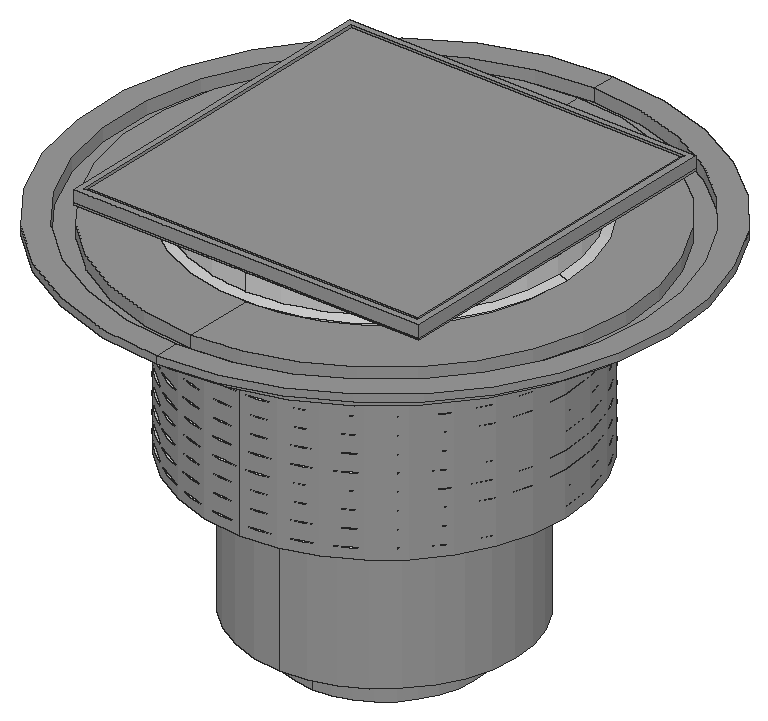
Revit family "HL_Трап для внутренних помещений_HL3100", category Instalační zařizovací předměty, Revit 2016
Family settings
  Typ součásti = Normální
  Kóta kulaté spojky = Použít průměr
  Číslo OmniClass = 23.70.50.21.24.14
  Nadpis OmniClass = Deck Waste Water Drains
  Založené na pracovní rovině = Ne
  Vždy vertikální = Ano
  Ořezat dutým tvarem při načtení = Ne
  Sdílené = Ano
  Bod výpočtu místnosti = Ano
Parameters (values of type "HL3100")
  РЕШЁТКА = "138 x 138 mm / V2A"
  РАЗМЕР = "DN50/75/110"
  ПРОПУСКНАЯ СПОСОБНОСТЬ = if(НОМИНАЛЬНЫЙ ДИАМЕТР = 50 mm, 1.25 L/s, 1.4 L/s)  # 1.25 L/s
  ПРОИЗВОДИТЕЛЬНОСТЬ = "DN50 1,25l/s, DN75/110 1,4l/s"
  ПРИЁМНОЕ ОТВЕРСТИЕ = ""
  ПРАВОВАЯ ИНФОРМАЦИЯ = "Авторские права(©), права на дизайн или какие либо другие права интелектуальной собственности являются исключительной собственностью компании HL Hutterer & Lechner. Изменению не подлежит. Файл семейства с данными о прозводителе изделия защищен паролем с водяным знаком."  # constant formula
  НОРМЫ = ""
  НОМИНАЛЬНЫЙ ДИАМЕТР = 50 mm
  НАСАДКА = "8-80 mm / 145 x 145 mm / PP-V4A"
  МАТЕРИАЛ = "PE"
  МАКСИМАЛЬНАЯ НАГРУЗКА КЛАССА = "K3 - 300kg"
  ВЫСОТА МОНТАЖА = "170mm"
  ВЕС = "1,04 [kg]"
  Připojení ventilace = no
  Výrobce = "HL Hutterer & Lechner GmbH"  # constant formula
  URL = "http://www.hutterer-lechner.com/ru/products/catalog/floor-drains/attachments/HL3100.aspx"
  Připojení odpadu = yes
  Připojení HW = no
  Popis = "Трапы для внутренних помещений"
  Model = "HL3100"
  Komentáře k typům = "HL3100 Трап для внутренних помещений DN50/75/110 вертикальный 145x145 мм система крепления решётки Klick-Klack/138x138мм"
  Keynote = "HL3100"
  Высота монтажа [instance] = 177.746 mm
  EAN = "9003076025428"
  DN_test [instance] = if(or(НОМИНАЛЬНЫЙ ДИАМЕТР = 50 mm, НОМИНАЛЬНЫЙ ДИАМЕТР = 75 mm, НОМИНАЛЬНЫЙ ДИАМЕТР = 110 mm), 30 mm, 0 mm)  # 30 mm
  Připojení CW = no
  B [instance] = if(НОМИНАЛЬНЫЙ ДИАМЕТР = 110 mm, Высота монтажа - 14.8 mm, Высота монтажа)  # 177.746 mm
  A [instance] = if(B - 100 mm > 15 mm, B - 100 mm, 15 mm)  # 77.746 mm
Reference planes
  plane 1 "Center (Front/Back)": y = 0
  plane 2: z = 0
  plane 3 "Center (Left/Right)": x = 0
  plane 4 "Ball Joint Vertical": x = 25.45
  plane 5: z = -177.746
  plane 6: z = -177.746
Lines and regions (mm)
  model lines, style "InvisibleLines"
    curve 1: line (0, 0, 0) -> (0, 0, 1000)
  reference lines
    curve 2: line (0, 0, 0) -> (0, 0, -177.746)
  model lines, detail levels coarse+medium
    curve 3: line (0, 0, -177.746) -> (0, 0, -100)
    curve 4: line (0, 0, -100) -> (100, 0, 0)
    curve 5: line (0, 0, -100) -> (-100, 0, 0)
  symbolic lines, detail levels coarse+medium
    curve 6: line (-75, 75, 0) -> (75, 75, 0)
    curve 7: line (-75, -75, 0) -> (-75, 75, 0)
    curve 8: line (75, -75, 0) -> (-75, -75, 0)
    curve 9: line (75, 75, 0) -> (75, -75, 0)
    curve 10: line (75, 75, 0) -> (145.711, 145.711, 0)
    curve 11: line (75, -75, 0) -> (145.711, -145.711, 0)
    curve 12: line (-75, 75, 0) -> (-145.711, 145.711, 0)
    curve 13: line (-75, -75, 0) -> (-145.711, -145.711, 0)
  symbolic lines, not visible, detail levels coarse+medium
    curve 14: line (-75, 75, 0) -> (75, 75, 0)
    curve 15: line (-75, -75, 0) -> (-75, 75, 0)
    curve 16: line (75, -75, 0) -> (-75, -75, 0)
    curve 17: line (75, 75, 0) -> (75, -75, 0)
    curve 18: line (75, 75, 0) -> (145.711, 145.711, 0)
    curve 19: line (75, -75, 0) -> (145.711, -145.711, 0)
    curve 20: line (-75, 75, 0) -> (-145.711, 145.711, 0)
    curve 21: line (-75, -75, 0) -> (-145.711, -145.711, 0)
  symbolic lines, style "InvisibleLines", not visible
    curve 22: line (0, 0, 0) -> (0, 0, -30)
Text (mm)
  text "ПОЛ" at (-198.233, 0, -26.556), in view "Drain Construction View"
Dimensions and locks
  locked: plane 4 "Ball Joint Vertical" to plane 3 "Center (Left/Right)" at 25.45
  "Высота монтажа": plane 2 to plane 5
  "A": curve 5 to plane 6
  "B": curve 5 to plane 6
  "B": curve 4 to plane 6
  "B": plane 2 to plane 6
  "DN_test": curve 22 to curve 22
  locked: curve 4 to plane 3 "Center (Left/Right)" (angle 45.00°)
  locked: plane 3 "Center (Left/Right)" to curve 5 (angle 45.00°)
  aligned and locked: level to plane 2
  aligned and locked: plane 2 to curve 1
  aligned and locked: plane 3 "Center (Left/Right)" to curve 1
  aligned and locked: plane 3 "Center (Left/Right)" to curve 2
  aligned and locked: plane 3 "Center (Left/Right)" to curve 3
  aligned and locked: plane 3 "Center (Left/Right)" to curve 5
  aligned and locked: plane 5 to nested 2
  aligned and locked: plane 2 to curve 2
  aligned and locked: plane 6 to curve 3
  aligned and locked: plane 6 to curve 2
Automatic sketch dimensions
  level to curve 1 = 1000 mm
Nested families
  nested 1: "HL_Насадная деталь_HL03910.2E" at (0, 0, 0), type "HL03910.2E_Main Component"
    with Высота монтажа 80 mm, RN 13, RL 84.5 mm, R yes, NL_Test yes, NL 100 mm
  nested 2: "HL_Корпус для трапа внутренних помещений_HL3100K" at (0, 0, -16.339), type "HL3100K_Main Component"
  nested 3: "HL_Вкладыш сифона_HL05100.7E" at (0, 0, -5), type "HL05100.7E_Main Component"
  nested 4: "HL_Решётка_HL03910.1E" at (0, 0, 0), type "HL03910.1E_Main Component"
Connectors
  piping at (0, 0, -177.746), diameter 50, driven by "ПРОПУСКНАЯ СПОСОБНОСТЬ", driven by "НОМИНАЛЬНЫЙ ДИАМЕТР"
    settings: on curve 2, index 1, connector inside diameter 609.6 mm, connector length 0 mm, flow factor 0, pipe flow 1.25 L/s, pressure drop 0.0 Pa, fitting loss kfactor 0, connector angle 0.00°, fixture units 0, engagement length 0 mm, angle of deflection 0.00°, flow configuration 1, flow direction 2, fitting loss method 0, system type 16, joint type 0, gender type 0, connector reference index -1, connector utility 0, adjustable connector no, is connector primary yes, connector description ""
Definition of nested family "HL_Насадная деталь_HL03910.2E"
  Parameters (values of type "HL03910.2E")
    РАЗМЕР = "d 146 mm"
    ПРАВОВАЯ ИНФОРМАЦИЯ = "Авторские права(©), права на дизайн или какие либо другие права интелектуальной собственности являются исключительной собственностью компании HL Hutterer & Lechner. Изменению не подлежит. Файл семейства с данными о прозводителе изделия защищен паролем с водяным знаком."  # constant formula
    НАСАДКА = "145 x 145 mm"
    МАТЕРИАЛ = "PP-V4A"
    Высота монтажа [instance] = 80 mm
    ВЫСОТА МОНТАЖА = "8 - 80 mm"
    ВЕС = "0,25 [kg]"
    Waste Connection = yes
    Vent Connection = no
    RD = 6.5 mm  # constant formula
    R [instance] = ((Высота монтажа - NL_Min) / RD - 1) > 2  # yes
    RL [instance] = if(Высота монтажа < 15 mm, 1 mm, RD * RN)  # 84.5 mm
    NL_Test [instance] = and(or(Высота монтажа < NL_Max, Высота монтажа = NL_Max), or(Высота монтажа > NL_Min, Высота монтажа = NL_Min))  # yes
    NL_Min = 8 mm
    NL_Max = 80 mm
    NL [instance] = if(NL_Test, Высота монтажа + 20 mm, 0 mm)  # 100 mm
    RN [instance] = if((Высота монтажа + 20 mm - NL_Min) / RD - 1 < 2, 2, (Высота монтажа + 20 mm - NL_Min) / RD - 1)  # 13
    Manufacturer = "HL Hutterer & Lechner GmbH"  # constant formula
    URL = "http://www.hutterer-lechner.com/ru/products/catalog/floor-drains/attachments/HL03910.2e.aspx"
    HW Connection = no
    Description = "Трапы для внутренних помещений - Комплектующие"
    Model = "HL03910.2E"
    Type Comments = "HL03910.2E Насадной подрамник ? 146 мм/подрамники из нержавеющей стали 145х145 мм с уплотнительным кольцом. Система крепления Klick-Klack"
    Keynote = "HL03910.2E"
    EAN = "9003076025626"
    CW Connection = no
  Reference planes
    plane 1 "Center (Front/Back)": y = 0
    plane 2: z = 0
    plane 3 "Center (Left/Right)": x = 0
    plane 4 "Ball Joint Vertical": x = 25.45
    plane 5: z = -100
  Forms (mm)
    Revolve 1, solid, detail levels fine
      sketch origin (0, 0, 0) x (0, 1, 0) y (0, 0, 1)
        loop
          line (72.9, -100) -> (72.9, -5.7) -> (67.492, -5.7) -> (67.492, -100) -> (72.9, -100)
        axis (0, -5.7) -> (0, -100)
      angle from 0 to 360
    Extrusion 2, solid, detail levels fine
      sketch origin (0, 0, 0) x (1, 0, 0) y (0, 1, 0)
        loop
          circle (0, 0) r 67.492
        loop
          line (-72.5, 72.5) -> (-72.5, -72.5) -> (72.5, -72.5) -> (72.5, 72.5) -> (-72.5, 72.5)
      from -5 to -5.7
    Sweep 3, solid, detail levels fine
      path origin (0, 0, 0) x (1, 0, 0) y (0, 1, 0)
        loop
          line (-72.5, 72.5) -> (-72.5, -72.5) -> (72.5, -72.5) -> (72.5, 72.5) -> (-72.5, 72.5)
      profile origin (0, 72.5, 0) x (0, 1, 0) y (0, 0, 1)
        loop
          line (0, 0) -> (-2.5, 0) -> (-2.5, -5) -> (0, -5) -> (0, 0)
  Lines and regions (mm)
    symbolic lines
      curve 1: line (0, 0, -100) -> (0, 0, 0)
  Text (mm)
    text "ROOF/FLOOR" at (-198.233, 0, -26.556), in view "Drain Construction View"
  Dimensions and locks
    locked: plane 4 "Ball Joint Vertical" to plane 3 "Center (Left/Right)" at 25.45
    "NL": plane 2 to plane 5
    equal spacing: group 1, group 3, group 4, group 5, group 6, group 7, group 8, group 9, group 10, group 11, group 12, group 13, group 2  (x3)
    "RL": nested 2 to nested 1
    locked: nested 1 to plane 5 at 1.516
    aligned and locked: level to plane 2
    aligned and locked: plane 3 "Center (Left/Right)" to nested 1
    aligned and locked: plane 1 "Center (Front/Back)" to nested 1
    aligned and locked: plane 2 to curve 1
    aligned and locked: plane 5 to curve 1
    aligned and locked: plane 5 to Revolve 1
  Automatic sketch dimensions
    curve 1 to plane 4 "Ball Joint Vertical" = 25.45 mm
    Revolve 1 sketch curve to plane 1 "Center (Front/Back)" = 0 mm
    Revolve 1 sketch curve to level = 5.7 mm
    Revolve 1 sketch curve to plane 1 "Center (Front/Back)" = 67.492 mm
    Revolve 1 sketch curve to plane 5 = 0 mm
    Revolve 1 sketch curve to Revolve 1 sketch curve = 445.992 mm
    level to Revolve 1 sketch curve = 2741.474 mm
    Extrusion 2 sketch curve to Extrusion 2 sketch curve = 0 mm  (x2)
    plane 1 "Center (Front/Back)" to Extrusion 2 sketch curve = 0 mm
    Extrusion 2 sketch curve to plane 3 "Center (Left/Right)" = 0 mm
    Extrusion 2 sketch curve to plane 3 "Center (Left/Right)" = 72.5 mm
    plane 4 "Ball Joint Vertical" to Extrusion 2 sketch curve = 47.05 mm
    plane 1 "Center (Front/Back)" to Extrusion 2 sketch curve = 72.5 mm
    Extrusion 2 sketch curve to plane 1 "Center (Front/Back)" = 72.5 mm
    plane 1 "Center (Front/Back)" to Extrusion 2 sketch curve = 67.492 mm
    Sweep 3 sketch curve to plane 3 "Center (Left/Right)" = 72.5 mm
    plane 4 "Ball Joint Vertical" to Sweep 3 sketch curve = 47.05 mm
    plane 1 "Center (Front/Back)" to Sweep 3 sketch curve = 72.5 mm
    Sweep 3 sketch curve to plane 1 "Center (Front/Back)" = 72.5 mm
    Sweep 3 sketch curve to profile plane = 0 mm  (x2)
    profile plane to Sweep 3 sketch curve = 2.5 mm
    Sweep 3 sketch curve to profile plane = 5 mm
    Revolve 1 sketch curve to Revolve 1 sketch curve = 5.408 mm
  Nested families
    nested 1: "Ring" at (0, 0, -98.484), visible <- "R", type "Ring"
      with R 72.9 mm, D 145.8 mm
    nested 2: "Ring" at (0, 0, -13.984), visible <- "R", type "Ring"
      with R 72.9 mm, D 145.8 mm
    nested 3: "Ring" at (0, 0, -91.442), visible <- "R", type "Ring"
      with R 72.9 mm, D 145.8 mm
    nested 4: "Ring" at (0, 0, -84.401), visible <- "R", type "Ring"
      with R 72.9 mm, D 145.8 mm
    nested 5: "Ring" at (0, 0, -77.359), visible <- "R", type "Ring"
      with R 72.9 mm, D 145.8 mm
    nested 6: "Ring" at (0, 0, -70.317), visible <- "R", type "Ring"
      with R 72.9 mm, D 145.8 mm
    nested 7: "Ring" at (0, 0, -63.276), visible <- "R", type "Ring"
      with R 72.9 mm, D 145.8 mm
    nested 8: "Ring" at (0, 0, -56.234), visible <- "R", type "Ring"
      with R 72.9 mm, D 145.8 mm
    nested 9: "Ring" at (0, 0, -49.192), visible <- "R", type "Ring"
      with R 72.9 mm, D 145.8 mm
    nested 10: "Ring" at (0, 0, -42.151), visible <- "R", type "Ring"
      with R 72.9 mm, D 145.8 mm
    nested 11: "Ring" at (0, 0, -35.109), visible <- "R", type "Ring"
      with R 72.9 mm, D 145.8 mm
    nested 12: "Ring" at (0, 0, -28.067), visible <- "R", type "Ring"
      with R 72.9 mm, D 145.8 mm
    nested 13: "Ring" at (0, 0, -21.026), visible <- "R", type "Ring"
      with R 72.9 mm, D 145.8 mm
  Definition of nested family "Ring"
    Parameters (values of type "Ring")
      Manufacturer = ""
      URL = ""
      R = D / 2  # 51.5 mm
      Description = ""
      Model = ""
      Material = none
      Type Comments = ""
      D = 103 mm
      Cost = 0
    Reference planes
      plane 1 "Střed (vpředu/vzadu)": y = 0
      plane 2: z = 0
      plane 3 "Střed (vlevo/vpravo)": x = 0
    Forms (mm)
      Revolve 1, solid, material <- "Material", detail levels fine
        sketch origin (0, 0, 0) x (1, 0, 0) y (0, 0, 1)
          loop
            line (-51.5, 1.482) -> (-54.764, 0) -> (-51.5, -1.516) -> (-51.5, 1.482)
          axis (0, 1.482) -> (0, -1.516)
        angle from 0 to 360
    Dimensions and locks
      "R": Revolve 1 sketch curve to plane 3 "Střed (vlevo/vpravo)"
      aligned and locked: level to plane 2
      aligned and locked: Revolve 1 sketch curve to plane 3 "Střed (vlevo/vpravo)"
    Automatic sketch dimensions
      Revolve 1 sketch curve to level = 0 mm
      Revolve 1 sketch curve to Revolve 1 sketch curve = 3.264 mm
      Revolve 1 sketch curve to level = 1.516 mm
      level to Revolve 1 sketch curve = 1.482 mm
      Revolve 1 sketch curve to level = 381 mm
      Revolve 1 sketch curve to Revolve 1 sketch curve = 2212.833 mm
Definition of nested family "HL_Корпус для трапа внутренних помещений_HL3100K"
  Parameters (values of type "HL3100K")
    РАЗМЕР = "DN50/75/110"
    ПРАВОВАЯ ИНФОРМАЦИЯ = "Авторские права(©), права на дизайн или какие либо другие права интелектуальной собственности являются исключительной собственностью компании HL Hutterer & Lechner. Изменению не подлежит. Файл семейства с данными о прозводителе изделия защищен паролем с водяным знаком."  # constant formula
    МАТЕРИАЛ = "PE"
    ВЫСОТА МОНТАЖА = "162 mm"
    ВЕС = "0,45 [kg]"
    Waste Connection = yes
    Vent Connection = no
    Manufacturer = "HL Hutterer & Lechner GmbH"  # constant formula
    URL = "http://www.hutterer-lechner.com/ru/products/catalog/floor-drains/attachments/HL3100k.aspx"
    HW Connection = no
    Description = "Трапы для внутренних помещений - Комплектующие"
    Model = "HL3100K"
    Type Comments = "HL3100K Корпус для трапа внутренних помещений DN50/75/110 вертикальный"
    Keynote = "HL3100K"
    EAN = "9003076025510"
    CW Connection = no
  Reference planes
    plane 1 "Center (Front/Back)": y = 0
    plane 2: z = 0
    plane 3 "Center (Left/Right)": x = 0
    plane 4 "Ball Joint Vertical": x = 25.45
  Forms (mm)
    Revolve 1, solid, detail levels fine
      sketch origin (0, 0, 0) x (0, 1, 0) y (0, 0, 1)
        loop
          line (119.5, 0) -> (109.5, 0) -> (109.5, -5.224) -> (101.35, -5.224) -> (101.35, 0) -> (72.99, 0) -> (72.99, -83.661) -> (52.566, -83.661) -> (37.468, -103.337) -> (22, -103.337) -> (22, -161.407) -> (25, -161.407) -> (25, -106.289) -> (34.5, -106.289) -> (34.5, -161.407) -> (37.5, -161.407) -> (37.5, -108.224) -> (52, -89.327) -> (52, -146.644) -> (55, -146.644) -> (55, -86.614) -> (76, -86.614) -> (76, -8.177) -> (112.402, -8.177) -> (112.402, -3.004) -> (119.5, -3.004) -> (119.5, 0)
        axis (0, 0) -> (0, -161.407)
      angle from 0 to 360
  Text (mm)
    text "ROOF/FLOOR" at (-198.233, 0, -26.556), in view "Drain Construction View"
  Dimensions and locks
    locked: plane 4 "Ball Joint Vertical" to plane 3 "Center (Left/Right)" at 25.45
    aligned and locked: level to plane 2
Definition of nested family "HL_Вкладыш сифона_HL05100.7E"
  Parameters (values of type "HL05100.7E")
    ПРАВОВАЯ ИНФОРМАЦИЯ = "Авторские права(©), права на дизайн или какие либо другие права интелектуальной собственности являются исключительной собственностью компании HL Hutterer & Lechner. Изменению не подлежит. Файл семейства с данными о прозводителе изделия защищен паролем с водяным знаком."  # constant formula
    МАТЕРИАЛ = "PP"
    ВЕС = "0,14 [kg]"
    Waste Connection = yes
    Vent Connection = no
    Manufacturer = "HL Hutterer & Lechner GmbH"  # constant formula
    URL = "http://www.hutterer-lechner.com/ru/Products/catalog/floor-drains/attachments/HL05100.7E.aspx"
    HW Connection = no
    Description = "Трапы для внутренних помещений - Комплектующие"
    Model = "HL05100.7E"
    Type Comments = "HL05100.7E Вкладыш сифона комплект"
    Keynote = "HL05100.7E"
    EAN = "9003076025602"
    CW Connection = no
  Reference planes
    plane 1 "Center (Front/Back)": y = 0
    plane 2: z = 0
    plane 3 "Center (Left/Right)": x = 0
    plane 4 "Ball Joint Vertical": x = 25.45
  Forms (mm)
    Revolve 1, solid, detail levels fine
      sketch origin (0, 0, 0) x (0, 1, 0) y (0, 0, 1)
        loop
          line (61.992, 0) -> (61.992, -79) -> (27, -79) -> (27, -19) -> (25.2, -19) -> (25.2, -81) -> (63.9, -81) -> (63.9, -15) -> (67, -14.729) -> (67, -2) -> (69.6, -2) -> (69.6, 0) -> (61.992, 0)
        axis (0, 0) -> (0, -81)
      angle from 0 to 360
    Revolve 2, solid, detail levels fine
      sketch origin (0, 0, 0) x (0, 1, 0) y (0, 0, 1)
        loop
          line (67, -7.58) -> (67, -10.92)
          arc (67, -10.92) -> (67.9, -9.25) -> (67, -7.58) r 2
        axis (0, -7.58) -> (0, -10.92)
      angle from 0 to 360
    Revolve 3, solid, detail levels fine
      sketch origin (0, 0, 0) x (0, 1, 0) y (0, 0, 1)
        loop
          line (45, -69.49) -> (46.989, -69.49) -> (46.989, 0) -> (0, 0) -> (0, -2.28) -> (45, -2.28) -> (45, -69.49)
        axis (0, 0) -> (0, -69.49)
      angle from 0 to 360
    Extrusion 4, solid, detail levels fine
      sketch origin (0, 0, 0) x (1, 0, 0) y (0, 1, 0)
        loop
          line (-8, 35) -> (-8, 8) -> (-35.2, 8) -> (-35.2, -8) -> (-8, -8) -> (-8, -35) -> (8, -35) -> (8, -8) -> (35.2, -8) -> (35.2, 8) -> (8, 8) -> (8, 35) -> (-8, 35)
      from -92 to -94.035
    Extrusion 5, solid, detail levels fine
      sketch origin (0, 0, 0) x (1, 0, 0) y (0, 1, 0)
        loop
          line (-28.8, -8) -> (-28.8, 8) -> (-35.2, 8) -> (-35.2, -8) -> (-28.8, -8)
        loop
          line (28.8, 8) -> (28.8, -8) -> (35.2, -8) -> (35.2, 8) -> (28.8, 8)
      from -92 to -81
  Cuts and joins
    joined: Revolve 1, Extrusion 4, Extrusion 5
  Text (mm)
    text "ROOF/FLOOR" at (-198.233, 0, -26.556), in view "Drain Construction View"
  Dimensions and locks
    locked: plane 4 "Ball Joint Vertical" to plane 3 "Center (Left/Right)" at 25.45
    aligned and locked: level to plane 2
Definition of nested family "HL_Решётка_HL03910.1E"
  Parameters (values of type "HL03910.1E")
    РАЗМЕР = "138x138mm"
    ПРАВОВАЯ ИНФОРМАЦИЯ = "Авторские права(©), права на дизайн или какие либо другие права интелектуальной собственности являются исключительной собственностью компании HL Hutterer & Lechner. Изменению не подлежит. Файл семейства с данными о прозводителе изделия защищен паролем с водяным знаком."  # constant formula
    МАКСИМАЛЬНАЯ НАГРУЗКА КЛАССА = "K3 - 300 kg"
    ВЕС = "0,22 [kg]"
    Waste Connection = yes
    Vent Connection = no
    Manufacturer = "HL Hutterer & Lechner GmbH"  # constant formula
    URL = "http://www.hutterer-lechner.com/ru/Products/catalog/floor-drains/attachments/HL03910.1E.aspx"
    HW Connection = no
    Description = "Трапы для внутренних помещений - Комплектующие"
    Model = "HL03910.1E"
    Type Comments = "HL03910.1E Решётка из нержавеющей стали 138х138 мм"
    Keynote = "HL03910.1E"
    EAN = "9003076025633"
    CW Connection = no
  Reference planes
    plane 1 "Center (Front/Back)": y = 0
    plane 2: z = 0
    plane 3 "Center (Left/Right)": x = 0
    plane 4 "Ball Joint Vertical": x = 25.45
  Forms (mm)
    Extrusion 1, solid, detail levels fine
      sketch origin (0, 0, 0) x (1, 0, 0) y (0, 1, 0)
        loop
          line (-69, 69) -> (-69, -69) -> (69, -69) -> (69, 69) -> (-69, 69)
      from 0 to -5
  Lines and regions (mm)
    model lines, detail levels fine
      curve 1: arc (30.966, 53.713, 0) -> (0, 62, 0) -> (-30.966, 53.713, 0) r 62
      curve 2: arc (26.97, 46.783, 0) -> (0, 54, 0) -> (-26.97, 46.783, 0) r 54
      curve 3: arc (-19.637, 37.127, 0) -> (0, 42, 0) -> (19.637, 37.127, 0) r 42
      curve 4: arc (-15.897, 30.055, 0) -> (0, 34, 0) -> (15.897, 30.055, 0) r 34
      curve 5: arc (15.897, 30.055, 0) -> (21.303, 31.72, 0) -> (19.637, 37.127, 0) r 4
      curve 6: arc (-15.897, 30.055, 0) -> (-21.303, 31.72, 0) -> (-19.637, 37.127, 0) r 4
      curve 7: arc (-30.966, 53.713, 0) -> (-32.433, 48.25, 0) -> (-26.97, 46.783, 0) r 4
      curve 8: arc (26.97, 46.783, 0) -> (32.433, 48.25, 0) -> (30.966, 53.713, 0) r 4
      curve 9: arc (53.713, 30.966, 0) -> (62, 0, 0) -> (53.713, -30.966, 0) r 62
      curve 10: arc (46.783, 26.97, 0) -> (54, 0, 0) -> (46.783, -26.97, 0) r 54
      curve 11: arc (46.783, 26.97, 0) -> (48.25, 32.433, 0) -> (53.713, 30.966, 0) r 4
      curve 12: arc (53.713, -30.966, 0) -> (48.25, -32.433, 0) -> (46.783, -26.97, 0) r 4
      curve 13: arc (37.127, -19.637, 0) -> (42, 0, 0) -> (37.127, 19.637, 0) r 42
      curve 14: arc (30.055, -15.897, 0) -> (34, 0, 0) -> (30.055, 15.897, 0) r 34
      curve 15: arc (30.055, 15.897, 0) -> (31.72, 21.303, 0) -> (37.127, 19.637, 0) r 4
      curve 16: arc (30.055, -15.897, 0) -> (31.72, -21.303, 0) -> (37.127, -19.637, 0) r 4
      curve 17: arc (15.897, -30.055, 0) -> (0, -34, 0) -> (-15.897, -30.055, 0) r 34
      curve 18: arc (19.637, -37.127, 0) -> (0, -42, 0) -> (-19.637, -37.127, 0) r 42
      curve 19: arc (15.897, -30.055, 0) -> (21.303, -31.72, 0) -> (19.637, -37.127, 0) r 4
      curve 20: arc (-15.897, -30.055, 0) -> (-21.303, -31.72, 0) -> (-19.637, -37.127, 0) r 4
      curve 21: arc (26.97, -46.783, 0) -> (0, -54, 0) -> (-26.97, -46.783, 0) r 54
      curve 22: arc (30.966, -53.713, 0) -> (0, -62, 0) -> (-30.966, -53.713, 0) r 62
      curve 23: arc (-30.966, -53.713, 0) -> (-32.433, -48.25, 0) -> (-26.97, -46.783, 0) r 4
      curve 24: arc (26.97, -46.783, 0) -> (32.433, -48.25, 0) -> (30.966, -53.713, 0) r 4
      curve 25: arc (-30.055, 15.897, 0) -> (-34, 0, 0) -> (-30.055, -15.897, 0) r 34
      curve 26: arc (-37.127, 19.637, 0) -> (-42, 0, 0) -> (-37.127, -19.637, 0) r 42
      curve 27: arc (-30.055, -15.897, 0) -> (-31.72, -21.303, 0) -> (-37.127, -19.637, 0) r 4
      curve 28: arc (-30.055, 15.897, 0) -> (-31.72, 21.303, 0) -> (-37.127, 19.637, 0) r 4
      curve 29: arc (-46.783, 26.97, 0) -> (-54, 0, 0) -> (-46.783, -26.97, 0) r 54
      curve 30: arc (-53.713, 30.966, 0) -> (-62, 0, 0) -> (-53.713, -30.966, 0) r 62
      curve 31: arc (-46.783, 26.97, 0) -> (-48.25, 32.433, 0) -> (-53.713, 30.966, 0) r 4
      curve 32: arc (-53.713, -30.966, 0) -> (-48.25, -32.433, 0) -> (-46.783, -26.97, 0) r 4
    model lines
      curve 33: line (0, 0, 0) -> (0, 0, 100)
  Text (mm)
    text "ROOF/FLOOR" at (-198.233, 0, -26.556), in view "Drain Construction View"
  Dimensions and locks
    locked: plane 4 "Ball Joint Vertical" to plane 3 "Center (Left/Right)" at 25.45
    aligned and locked: level to plane 2
